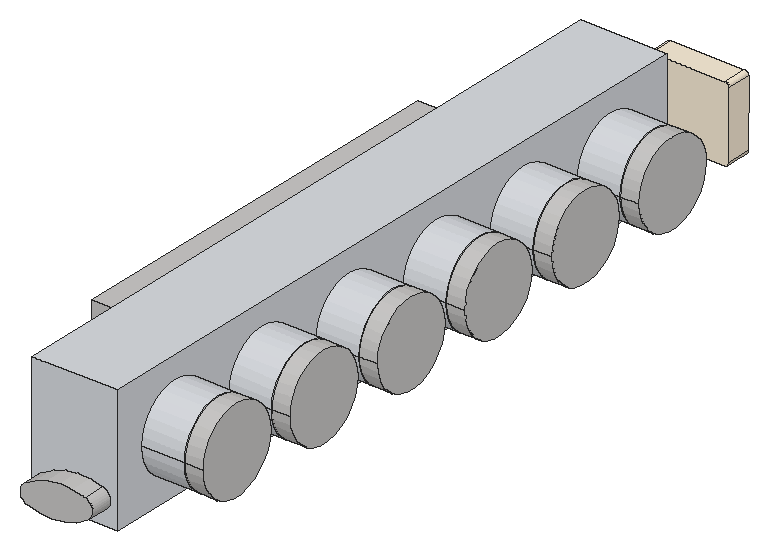
Revit family "HVAC_Ductwork_Airzone_Motorized-Plenum_Kaysun_Standard_6-Dampers", category Mechanical Equipment, Revit 2016
Family settings
  Part Type = Normal
  Round Connector Dimension = Use Diameter
  OmniClass Number = 23.75.70.14
  OmniClass Title = Air Ductwork
  Work Plane-Based = No
  Always vertical = Yes
  Cut with Voids When Loaded = No
  Shared = No
  Room Calculation Point = No
Parameters (values of type "KAYST01XL6")
  Voltage = 230 V
  URL = "www.airzone.es"
  Type Image Comments = "Image available in product documentation download"  # constant formula
  Revit Model Version = "1.0"  # constant formula
  Revit Model Author URL = "www.a3d.es"
  Revit Model Author = "A3D Consulting"  # constant formula
  Product Documentation Download URL = "http://doc.airzone.es/BIM/Easyzone/Kaysun-Airzone_motorized_plenum.zip"
  Product Comments = "Refer to technical documentation for further details"  # constant formula
  Power Factor = 1
  Neck Width = 971.600 mm
  Neck Length = 95.000 mm
  Neck Height = 207.600 mm
  Material = Metal - AIRZONE - Galvanized Sheet - Semi-polished
  Main Control Board Material = Plastic - AIRZONE - Smooth - Off-white
  Load Classification = Other
  Insulated Body Width = 205.000 mm  # constant formula
  Insulated Body Material = Metal -AIRZONE - Insulating Lining -Aluminum Finish
  Insulated Body Length = 1638.600 mm  # constant formula
  Insulated Body Height = 300.000 mm  # constant formula
  Flow [instance] = Damper 6 Air Flow + Damper 5 Air Flow + Damper 4 Air Flow + Damper 3 Air Flow + Damper 2 Air Flow + Damper 1 Air Flow - Fresh Air Inlet 2 Flow - Fresh Air Inlet 1 Flow  # 1800 m³/h
  Fresh Air Inlet 1 Flow [instance] = 0 m³/h
  Fresh Air Inlet 2 Flow [instance] = 0 m³/h
  Fresh Air Inlet Connection Width = 175.000 mm
  Fresh Air Inlet Connection Height = 75.000 mm
  Model = "KAYST01XL6"
  Neck Side Offset = 369.500 mm
  Neck Bottom Offset = 49.200 mm
  Type Image = <None>
  Manufacturer = "AIRZONE"  # constant formula
  Main Control Board Depth = 57.000 mm  # constant formula
  Main Control Board Width = 195.000 mm  # constant formula
  Main Control Board Height = 180.000 mm  # constant formula
  Fixing = ""
  Disclaimer = "All information provided in this model is reviewed before being published. However, Airzone cannot guarantee this model is error-free, therefore users are strongly encouraged to check for technical documentation and updates"  # constant formula
  Description = "Airzone standard motorized plenum with neck that mechanically adapts to the main ducted AC units of Kaysun."
  Type Comments = ""
  Dampers Length = 149.000 mm  # constant formula
  Dampers Diameter = 200.000 mm  # constant formula
  Damper 6 Air Flow [instance] = 300 m³/h
  Damper 5 Air Flow [instance] = 300 m³/h
  Damper 4 Air Flow [instance] = 300 m³/h
  Damper 1 Air Flow [instance] = 300 m³/h
  Damper 2 Air Flow [instance] = 300 m³/h
  Damper 3 Air Flow [instance] = 300 m³/h
  Fresh Air Inlet Connection Offset Height = 48.305 mm  # constant formula
  Compatible Accesories = ""
  Apparent Load = 57.5 VA
Types (3, lengths in mm): name | Neck Width | Neck Height | Model | Neck Side Offset | Neck Bottom Offset
  KAYST01XL6 | 971.600 | 207.600 | "KAYST01XL6" | 369.500 | 49.200
  KAYST01L6 | 936.600 | 182.600 | "KAYST01L6" | 389.500 | 79.200
  KAYST01M6 | 716.600 | 182.600 | "KAYST01M6" | 499.500 | 79.200
Reference planes
  plane 1 "Center (Front/Back)": y = 0
  plane 2 "Center (Elevation)": z = 0
  plane 3 "Center (Left/Right)": x = 0
  plane 4 "Neck Back": y = 485.8
  plane 5 "Neck Front": y = -485.8
  plane 6 "Neck Top": z = 103.8
  plane 7 "Neck Bottom": z = -103.8
  plane 8 "Left": x = 95
  plane 9 "Bottom": z = -153
  plane 10 "Top": z = 147
  plane 11 "Front": y = -783.3
  plane 12 "Back": y = 855.3
  plane 13 "Right": x = 300
  plane 14 "Dampers Front": x = 449
  plane 15 "Dampers Center (Elevation)": z = -3
  plane 16 "Damper3": y = 166
  plane 17 "Damper2": y = 426
  plane 18 "Damper1": y = 686
  plane 19 "Middle": y = 36
  plane 20 "FreshAir Center (Elevation)": z = -104.695
  plane 21 "FreshAir1": y = 907.8
  plane 22 "FreshAir2": y = -835.8
  plane 23 "Dampers Lining": x = 404
  plane 24 "FreshAir Vertical Axis": x = 195.83
  plane 25 "ConnectionBox Side": x = 254
  plane 26 "Main Control Board Center (Left/Right)": x = 351.5
  plane 27 "Damper4": y = -94
  plane 28 "Damper5": y = -354
  plane 29 "Damper6": y = -614
Forms (mm)
  Extrusion 1, solid, material "Metal - AIRZONE - Galvanized Sheet - Semi-polished" <- "Material"
    sketch origin (0, 0, 0) x (0, 1, 0) y (0, 0, 1)
      loop
        line (-485.8, 103.8) -> (-485.8, -103.8) -> (485.8, -103.8) -> (485.8, 103.8) -> (-485.8, 103.8)
    from 0 to 95
  Extrusion 2, solid, material "Metal -AIRZONE - Insulating Lining -Aluminum Finish" <- "Insulated Body Material"
    sketch origin (95, 0, 0) x (0, 1, 0) y (0, 0, 1)
      loop
        line (-783.3, 147) -> (-783.3, -153) -> (855.3, -153) -> (855.3, 147) -> (-783.3, 147)
    from 0 to 205
  Extrusion 3, solid, material "Metal - AIRZONE - Galvanized Sheet - Semi-polished" <- "Material"
    sketch origin (300, 0, 0) x (0, 1, 0) y (0, 0, 1)
      loop
        circle (166, -3) r 100
    from 104 to 149
  Extrusion 4, solid, material "Metal - AIRZONE - Galvanized Sheet - Semi-polished" <- "Material"
    sketch origin (300, 0, 0) x (0, 1, 0) y (0, 0, 1)
      loop
        circle (426, -3) r 100
    from 104 to 149
  Extrusion 5, solid, material "Metal - AIRZONE - Galvanized Sheet - Semi-polished" <- "Material"
    sketch origin (300, 0, 0) x (0, 1, 0) y (0, 0, 1)
      loop
        circle (686, -3) r 100
    from 104 to 149
  Extrusion 6, solid, material "Metal - AIRZONE - Galvanized Sheet - Semi-polished" <- "Material"
    sketch origin (0, -783.3, 0) x (0, 0, 1) y (1, 0, 0)
      loop
        arc (-72.141, 265.204) -> (-93.608, 282.105) -> (-118.312, 270.434) r 25.96
        arc (-118.312, 270.434) -> (-144.302, 200.598) -> (-136.849, 126.456) r 164.67
        arc (-136.849, 126.456) -> (-115.665, 109.589) -> (-90.994, 120.751) r 25.96
        arc (-90.994, 120.751) -> (-64.725, 190.78) -> (-72.141, 265.204) r 164.67
    from 0 to -52.5
  Extrusion 7, solid, material "Metal - AIRZONE - Galvanized Sheet - Semi-polished" <- "Material"
    sketch origin (0, 855.3, 0) x (0, 0, 1) y (1, 0, 0)
      loop
        arc (-72.141, 265.204) -> (-93.325, 282.071) -> (-117.996, 270.909) r 25.96
        arc (-117.996, 270.909) -> (-144.179, 201.53) -> (-137.267, 127.699) r 164.67
        arc (-137.267, 127.699) -> (-116.032, 109.637) -> (-90.678, 121.226) r 25.96
        arc (-90.678, 121.226) -> (-64.688, 191.062) -> (-72.141, 265.204) r 164.67
    from 0 to 52.5
  Extrusion 8, solid, material "Metal -AIRZONE - Insulating Lining -Aluminum Finish" <- "Insulated Body Material"
    sketch origin (300, 0, 0) x (0, 1, 0) y (0, 0, 1)
      loop
        circle (686, -3) r 100
    from 0 to 104
  Extrusion 9, solid, material "Metal -AIRZONE - Insulating Lining -Aluminum Finish" <- "Insulated Body Material"
    sketch origin (300, -260, 0) x (0, 1, 0) y (0, 0, 1)
      loop
        circle (686, -3) r 100
    from 0 to 104
  Extrusion 10, solid, material "Metal -AIRZONE - Insulating Lining -Aluminum Finish" <- "Insulated Body Material"
    sketch origin (300, -520, 0) x (0, 1, 0) y (0, 0, 1)
      loop
        circle (686, -3) r 100
    from 0 to 104
  Extrusion 11, solid, material "Metal - AIRZONE - Galvanized Sheet - Semi-polished" <- "Material"
    sketch origin (300, -190, 0) x (0, 1, 0) y (0, 0, 1)
      loop
        circle (96, -3) r 100
    from 104 to 149
  Extrusion 12, solid, material "Metal -AIRZONE - Insulating Lining -Aluminum Finish" <- "Insulated Body Material"
    sketch origin (300, -710, 0) x (0, 1, 0) y (0, 0, 1)
      loop
        circle (616, -3) r 100
    from 0 to 104
  Extrusion 13, solid, material "Metal -AIRZONE - Insulating Lining -Aluminum Finish" <- "Insulated Body Material"
    sketch origin (300, -970, 0) x (0, 1, 0) y (0, 0, 1)
      loop
        circle (616, -3) r 100
    from 0 to 104
  Extrusion 14, solid, material "Metal - AIRZONE - Galvanized Sheet - Semi-polished" <- "Material"
    sketch origin (300, -450, 0) x (0, 1, 0) y (0, 0, 1)
      loop
        circle (96, -3) r 100
    from 104 to 149
  Extrusion 15, solid, material "Metal -AIRZONE - Insulating Lining -Aluminum Finish" <- "Insulated Body Material"
    sketch origin (300, -1230, 0) x (0, 1, 0) y (0, 0, 1)
      loop
        circle (616, -3) r 100
    from 0 to 104
  Extrusion 16, solid, material "Metal - AIRZONE - Galvanized Sheet - Semi-polished" <- "Material"
    sketch origin (300, -710, 0) x (0, 1, 0) y (0, 0, 1)
      loop
        circle (96, -3) r 100
    from 104 to 149
Lines and regions (mm)
  Masking region 1
    outline origin (0, 0, 0) x (1, 0, 0) y (0, 1, 0)
      loop
        line (95, 855.3) -> (95, -783.3) -> (300, -783.3) -> (300, 855.3) -> (95, 855.3)
  Masking region 2, detail levels medium+fine
    outline origin (0, 0, 0) x (1, 0, 0) y (0, 1, 0)
      loop
        line (0, 485.8) -> (0, -485.8) -> (95, -485.8) -> (95, 485.8) -> (0, 485.8)
  Masking region 3, detail levels medium+fine
    outline origin (0, 0, 0) x (1, 0, 0) y (0, 1, 0)
      loop
        line (300, 266) -> (300, 66) -> (449, 66) -> (449, 266) -> (300, 266)
  Masking region 4, detail levels medium+fine
    outline origin (0, 260, 0) x (1, 0, 0) y (0, 1, 0)
      loop
        line (300, 266) -> (300, 66) -> (449, 66) -> (449, 266) -> (300, 266)
  Masking region 5, detail levels medium+fine
    outline origin (0, 520, 0) x (1, 0, 0) y (0, 1, 0)
      loop
        line (300, 266) -> (300, 66) -> (449, 66) -> (449, 266) -> (300, 266)
  Masking region 6, detail levels medium+fine
    outline origin (0, 0, -104.695) x (1, 0, 0) y (0, 1, 0)
      loop
        line (108.33, 907.8) -> (108.33, 855.3) -> (283.33, 855.3) -> (283.33, 907.8) -> (108.33, 907.8)
  Masking region 7, detail levels medium+fine
    outline origin (0, 0, -104.695) x (1, 0, 0) y (0, 1, 0)
      loop
        line (108.33, -783.3) -> (108.33, -835.8) -> (283.33, -835.8) -> (283.33, -783.3) -> (108.33, -783.3)
  Masking region 8, detail levels medium+fine
    outline origin (0, 0, 147) x (0, -1, 0) y (1, 0, 0)
      loop
        line (-912.3, 254) -> (-855.3, 254) -> (-855.3, 449) -> (-912.3, 449) -> (-912.3, 254)
  Masking region 9, detail levels medium+fine
    outline origin (0, -190, 0) x (1, 0, 0) y (0, 1, 0)
      loop
        line (300, 196) -> (300, -4) -> (449, -4) -> (449, 196) -> (300, 196)
  Masking region 10, detail levels medium+fine
    outline origin (0, -450, 0) x (1, 0, 0) y (0, 1, 0)
      loop
        line (300, 196) -> (300, -4) -> (449, -4) -> (449, 196) -> (300, 196)
  Masking region 11, detail levels medium+fine
    outline origin (0, -710, 0) x (1, 0, 0) y (0, 1, 0)
      loop
        line (300, 196) -> (300, -4) -> (449, -4) -> (449, 196) -> (300, 196)
  symbolic lines, detail levels coarse
    curve 1: line (95, -783.3, 0) -> (300, 166, 0)
    curve 2: line (300, 166, 0) -> (95, 855.3, 0)
Dimensions and locks
  equal spacing: plane 4 "Neck Back", plane 1 "Center (Front/Back)", plane 5 "Neck Front"
  "Neck Width": plane 4 "Neck Back" to plane 5 "Neck Front"
  equal spacing: plane 6 "Neck Top", level, plane 7 "Neck Bottom"
  "Neck Height": plane 6 "Neck Top" to plane 7 "Neck Bottom"
  "Neck Length": plane 3 "Center (Left/Right)" to plane 8 "Left"
  "Neck Bottom Offset": plane 7 "Neck Bottom" to plane 9 "Bottom"
  "Insulated Body Height": plane 10 "Top" to plane 9 "Bottom"
  "Insulated Body Length": plane 12 "Back" to plane 11 "Front"
  "Insulated Body Width": plane 8 "Left" to plane 13 "Right"
  "Dampers Length": plane 13 "Right" to plane 14 "Dampers Front"
  equal spacing: plane 10 "Top", plane 15 "Dampers Center (Elevation)", plane 9 "Bottom"
  equal spacing: plane 12 "Back", plane 19 "Middle", plane 11 "Front"
  plane 8 "Left" to plane 13 "Right" = 205.000 mm
  "Fresh Air Inlet Connection Offset Height": plane 20 "FreshAir Center (Elevation)" to plane 9 "Bottom"
  locked: Extrusion 6 sketch curve to plane 9 "Bottom" at 56.47
  locked: plane 13 "Right" to Extrusion 6 sketch curve at 43.69
  locked: plane 13 "Right" to Extrusion 6 sketch curve at 164.65
  locked: Extrusion 6 sketch curve to plane 9 "Bottom" at 40.54
  locked: plane 13 "Right" to Extrusion 6 sketch curve at 87.91
  locked: plane 9 "Bottom" to Extrusion 6 sketch curve at 75.01
  locked: plane 13 "Right" to Extrusion 6 sketch curve at 120.43
  locked: Extrusion 6 sketch curve to plane 9 "Bottom" at 172.02
  locked: plane 13 "Right" to Extrusion 7 sketch curve at 43.69
  locked: Extrusion 7 sketch curve to plane 9 "Bottom" at 56.47
  locked: Extrusion 7 sketch curve to plane 9 "Bottom" at 40.54
  locked: plane 13 "Right" to Extrusion 7 sketch curve at 164.65
  locked: plane 13 "Right" to Extrusion 7 sketch curve at 120.43
  locked: Extrusion 7 sketch curve to plane 9 "Bottom" at 172.02
  locked: plane 9 "Bottom" to Extrusion 7 sketch curve at 75.01
  locked: plane 13 "Right" to Extrusion 7 sketch curve at 87.91
  "Neck Side Offset": plane 12 "Back" to plane 4 "Neck Back"
  locked: plane 21 "FreshAir1" to plane 12 "Back" at 52.5
  plane 11 "Front" to plane 22 "FreshAir2" = 52.500 mm
  locked: connector elem to plane 13 "Right" at 104.17
  locked: plane 20 "FreshAir Center (Elevation)" to connector elem
  locked: plane 13 "Right" to connector elem at 104.17
  locked: connector elem to plane 20 "FreshAir Center (Elevation)"
  locked: plane 23 "Dampers Lining" to plane 14 "Dampers Front" at 45
  locked: plane 24 "FreshAir Vertical Axis" to plane 13 "Right" at 104.17
  equal spacing: Masking region 3 sketch curve, plane 16 "Damper3", Masking region 3 sketch curve
  "Dampers Diameter": Masking region 3 sketch curve to Masking region 3 sketch curve
  "Dampers Diameter": Masking region 4 sketch curve to Masking region 4 sketch curve
  equal spacing: Masking region 5 sketch curve, plane 18 "Damper1", Masking region 5 sketch curve
  "Dampers Diameter": Masking region 5 sketch curve to Masking region 5 sketch curve
  equal spacing: Masking region 6 sketch curve, plane 24 "FreshAir Vertical Axis", Masking region 6 sketch curve
  "Fresh Air Inlet Connection Width": Masking region 6 sketch curve to Masking region 6 sketch curve
  equal spacing: Masking region 7 sketch curve, plane 24 "FreshAir Vertical Axis", Masking region 7 sketch curve
  "Fresh Air Inlet Connection Width": Masking region 7 sketch curve to Masking region 7 sketch curve
  "Main Control Board Depth": Masking region 8 sketch curve to plane 12 "Back"
  "Main Control Board Width": plane 25 "ConnectionBox Side" to plane 14 "Dampers Front"
  equal spacing: plane 25 "ConnectionBox Side", plane 26 "Main Control Board Center (Left/Right)", plane 14 "Dampers Front"
  locked: nested 1 to plane 10 "Top" at 10
  equal spacing: Masking region 4 sketch curve, plane 17 "Damper2", Masking region 4 sketch curve
  equal spacing: Masking region 9 sketch curve, plane 27 "Damper4", Masking region 9 sketch curve
  "Dampers Diameter": Masking region 9 sketch curve to Masking region 9 sketch curve
  plane 18 "Damper1" to plane 17 "Damper2" to plane 16 "Damper3" to plane 27 "Damper4" to plane 28 "Damper5" to plane 29 "Damper6" = 260.000 mm locked, 260.000 mm locked, 260.000 mm locked, 260.000 mm locked, 260.000 mm locked
  locked: plane 16 "Damper3" to plane 19 "Middle" at 130
  equal spacing: Masking region 10 sketch curve, plane 28 "Damper5", Masking region 10 sketch curve
  "Dampers Diameter": Masking region 10 sketch curve to Masking region 10 sketch curve
  equal spacing: Masking region 11 sketch curve, plane 29 "Damper6", Masking region 11 sketch curve
  "Dampers Diameter": Masking region 11 sketch curve to Masking region 11 sketch curve
  "Dampers Diameter": diameter of Extrusion 3 sketch curve
  "Dampers Diameter": diameter of Extrusion 4 sketch curve
  "Dampers Diameter": diameter of Extrusion 5 sketch curve
  radius of Extrusion 7 sketch curve = 164.670 mm  (x2)
  radius of Extrusion 7 sketch curve = 25.960 mm  (x2)
  radius of Extrusion 6 sketch curve = 164.670 mm  (x2)
  radius of Extrusion 6 sketch curve = 25.960 mm  (x2)
  "Dampers Diameter": diameter of Extrusion 8 sketch curve
  "Dampers Diameter": diameter of Extrusion 9 sketch curve
  "Dampers Diameter": diameter of Extrusion 10 sketch curve
  "Dampers Diameter": diameter of Extrusion 11 sketch curve
  "Dampers Diameter": diameter of Extrusion 12 sketch curve
  "Dampers Diameter": diameter of Extrusion 13 sketch curve
  "Dampers Diameter": diameter of Extrusion 14 sketch curve
  "Dampers Diameter": diameter of Extrusion 15 sketch curve
  "Dampers Diameter": diameter of Extrusion 16 sketch curve
  aligned and locked: level to plane 2 "Center (Elevation)"
  aligned and locked: plane 5 "Neck Front" to Extrusion 1 sketch curve
  aligned and locked: Extrusion 1 sketch curve to plane 6 "Neck Top"
  aligned and locked: Extrusion 1 sketch curve to plane 4 "Neck Back"
  aligned and locked: plane 7 "Neck Bottom" to Extrusion 1 sketch curve
  aligned and locked: Extrusion 1 to plane 3 "Center (Left/Right)"
  aligned and locked: Extrusion 2 sketch curve to plane 10 "Top"
  aligned and locked: Extrusion 2 sketch curve to plane 12 "Back"
  aligned and locked: Extrusion 2 sketch curve to plane 9 "Bottom"
  aligned and locked: plane 11 "Front" to Extrusion 2 sketch curve
  aligned and locked: plane 13 "Right" to Extrusion 2
  aligned and locked: Extrusion 2 to plane 8 "Left"
  aligned and locked: plane 16 "Damper3" to Extrusion 3 sketch curve
  aligned and locked: plane 15 "Dampers Center (Elevation)" to Extrusion 3 sketch curve
  aligned and locked: plane 15 "Dampers Center (Elevation)" to Extrusion 4 sketch curve
  aligned and locked: plane 18 "Damper1" to Extrusion 5 sketch curve
  aligned and locked: plane 15 "Dampers Center (Elevation)" to Extrusion 5 sketch curve
  aligned and locked: plane 14 "Dampers Front" to Extrusion 5
  aligned and locked: plane 14 "Dampers Front" to Extrusion 4
  aligned and locked: plane 14 "Dampers Front" to Extrusion 3
  aligned and locked: plane 8 "Left" to Extrusion 1
  aligned and locked: plane 22 "FreshAir2" to Extrusion 6
  aligned and locked: plane 21 "FreshAir1" to Extrusion 7
  aligned and locked: Extrusion 7 to plane 12 "Back"
  aligned and locked: plane 11 "Front" to Extrusion 6
  aligned and locked: Extrusion 5 to plane 23 "Dampers Lining"
  aligned and locked: Extrusion 5 to Extrusion 4
  aligned and locked: Extrusion 4 to Extrusion 3
  aligned and locked: plane 23 "Dampers Lining" to Extrusion 8
  aligned and locked: Extrusion 10 to plane 13 "Right"
  aligned and locked: plane 23 "Dampers Lining" to Extrusion 10
  aligned and locked: Extrusion 9 to plane 13 "Right"
  aligned and locked: plane 23 "Dampers Lining" to Extrusion 9
  aligned and locked: Extrusion 8 to plane 13 "Right"
  aligned and locked: Extrusion 9 to Extrusion 8
  aligned and locked: plane 18 "Damper1" to Extrusion 8 sketch curve
  aligned and locked: plane 15 "Dampers Center (Elevation)" to Extrusion 8 sketch curve
  aligned and locked: plane 15 "Dampers Center (Elevation)" to Extrusion 9 sketch curve
  aligned and locked: plane 16 "Damper3" to Extrusion 10 sketch curve
  aligned and locked: plane 15 "Dampers Center (Elevation)" to Extrusion 10 sketch curve
  aligned and locked: Masking region 1 sketch curve to plane 12 "Back"
  aligned and locked: plane 8 "Left" to Masking region 1 sketch curve
  aligned and locked: Masking region 1 sketch curve to plane 13 "Right"
  aligned and locked: plane 11 "Front" to Masking region 1 sketch curve
  aligned and locked: plane 5 "Neck Front" to Masking region 2 sketch curve
  aligned and locked: plane 3 "Center (Left/Right)" to Masking region 2 sketch curve
  aligned and locked: Masking region 2 sketch curve to plane 4 "Neck Back"
  aligned and locked: Masking region 2 sketch curve to plane 8 "Left"
  aligned and locked: plane 13 "Right" to Masking region 3 sketch curve
  aligned and locked: Masking region 3 sketch curve to plane 14 "Dampers Front"
  aligned and locked: plane 13 "Right" to Masking region 4 sketch curve
  aligned and locked: Masking region 4 sketch curve to plane 14 "Dampers Front"
  aligned and locked: plane 13 "Right" to Masking region 5 sketch curve
  aligned and locked: Masking region 5 sketch curve to plane 14 "Dampers Front"
  aligned and locked: plane 12 "Back" to Masking region 6 sketch curve
  aligned and locked: Masking region 6 sketch curve to plane 21 "FreshAir1"
  aligned and locked: Masking region 7 sketch curve to plane 11 "Front"
  aligned and locked: Masking region 7 sketch curve to plane 22 "FreshAir2"
  aligned and locked: plane 12 "Back" to Masking region 8 sketch curve
  aligned and locked: Masking region 8 sketch curve to plane 14 "Dampers Front"
  aligned and locked: plane 25 "ConnectionBox Side" to Masking region 8 sketch curve
  aligned and locked: plane 17 "Damper2" to Extrusion 9 sketch curve
  aligned and locked: plane 17 "Damper2" to Extrusion 4 sketch curve
  aligned and locked: Masking region 9 sketch curve to plane 14 "Dampers Front"
  aligned and locked: plane 13 "Right" to Masking region 9 sketch curve
  aligned and locked: Extrusion 12 to plane 13 "Right"
  aligned and locked: plane 23 "Dampers Lining" to Extrusion 12
  aligned and locked: Extrusion 11 to plane 23 "Dampers Lining"
  aligned and locked: plane 14 "Dampers Front" to Extrusion 11
  aligned and locked: plane 15 "Dampers Center (Elevation)" to Extrusion 12 sketch curve
  aligned and locked: plane 27 "Damper4" to Extrusion 12 sketch curve
  aligned and locked: plane 15 "Dampers Center (Elevation)" to Extrusion 11 sketch curve
  aligned and locked: plane 27 "Damper4" to Extrusion 11 sketch curve
  aligned and locked: Masking region 10 sketch curve to plane 14 "Dampers Front"
  aligned and locked: plane 13 "Right" to Masking region 10 sketch curve
  aligned and locked: plane 28 "Damper5" to Extrusion 13 sketch curve
  aligned and locked: plane 15 "Dampers Center (Elevation)" to Extrusion 13 sketch curve
  aligned and locked: Extrusion 14 to plane 23 "Dampers Lining"
  aligned and locked: plane 14 "Dampers Front" to Extrusion 14
  aligned and locked: plane 15 "Dampers Center (Elevation)" to Extrusion 14 sketch curve
  aligned and locked: plane 28 "Damper5" to Extrusion 14 sketch curve
  aligned and locked: Masking region 11 sketch curve to plane 14 "Dampers Front"
  aligned and locked: plane 13 "Right" to Masking region 11 sketch curve
  aligned and locked: Extrusion 15 to plane 13 "Right"
  aligned and locked: plane 23 "Dampers Lining" to Extrusion 15
  aligned and locked: plane 29 "Damper6" to Extrusion 15 sketch curve
  aligned and locked: plane 15 "Dampers Center (Elevation)" to Extrusion 15 sketch curve
  aligned and locked: plane 14 "Dampers Front" to Extrusion 16
  aligned and locked: Extrusion 16 to plane 23 "Dampers Lining"
  aligned and locked: plane 15 "Dampers Center (Elevation)" to Extrusion 16 sketch curve
  aligned and locked: plane 29 "Damper6" to Extrusion 16 sketch curve
  aligned and locked: nested 1 to plane 26 "Main Control Board Center (Left/Right)"
Automatic sketch dimensions
  curve 2 to plane 8 "Left" = 0.000 mm
  curve 1 to plane 8 "Left" = 0.000 mm
  curve 2 to plane 13 "Right" = 0.000 mm
  curve 1 to plane 11 "Front" = 0.000 mm
  curve 2 to plane 16 "Damper3" = 0.000 mm
  curve 2 to plane 12 "Back" = 0.000 mm
Nested families
  nested 1: "Airzone_Main-Control-Board" at (351.5, 855.3, 47) x (-1, 0, 0) z (0, 1, 0), Extrusion <- "Main Control Board Depth", Height <- "Main Control Board Height", Width <- "Main Control Board Width", Material <- "Main Control Board Material", type "Standard"
    with Width 195.000 mm, Material Plastic - AIRZONE - Smooth - Off-white, Height 180.000 mm, Extrusion 57.000 mm
Connectors
  hvac at (449, 166, -3), driven by "Damper 3 Air Flow", driven by "Dampers Diameter"
    settings: on Extrusion 3, index 1, duct flow 300 m³/h, flow factor 0, pres drop 0.0 Pa, loss coef 0, conn angle 0.00°, conn width 304.8 mm, conn height 304.8 mm, conn diameter 200 mm, duct sys type 1, conn prof type 0, flow config 0, flow direction 2, loss method 0, conn ref index -1, conn util no, is conn primary no, conn desc "Supply Air Out 3"
  hvac at (449, 426, -3), driven by "Damper 2 Air Flow", driven by "Dampers Diameter"
    settings: on Extrusion 4, index 2, duct flow 300 m³/h, flow factor 0, pres drop 0.0 Pa, loss coef 0, conn angle 0.00°, conn width 304.8 mm, conn height 304.8 mm, conn diameter 200 mm, duct sys type 1, conn prof type 0, flow config 0, flow direction 2, loss method 0, conn ref index -1, conn util no, is conn primary no, conn desc "Supply Air Out 2"
  hvac at (449, 686, -3), driven by "Damper 1 Air Flow", driven by "Dampers Diameter"
    settings: on Extrusion 5, index 3, duct flow 300 m³/h, flow factor 0, pres drop 0.0 Pa, loss coef 0, conn angle 0.00°, conn width 304.8 mm, conn height 304.8 mm, conn diameter 200 mm, duct sys type 1, conn prof type 0, flow config 0, flow direction 2, loss method 0, conn ref index -1, conn util no, is conn primary no, conn desc "Supply Air Out 1"
  hvac at (0, 0, 0), driven by "Flow", driven by "Neck Height", driven by "Neck Width"
    settings: on Extrusion 1, index 6, duct flow 1800 m³/h, flow factor 0, pres drop 0.0 Pa, loss coef 0, conn angle 0.00°, conn width 971.6 mm, conn height 207.6 mm, conn diameter 609.6 mm, duct sys type 1, conn prof type 1, flow config 1, flow direction 1, loss method 0, conn ref index -1, conn util no, is conn primary yes, conn desc "Supply Air In"
  hvac at (195.83, -835.8, -104.695), driven by "Fresh Air Inlet 2 Flow", driven by "Fresh Air Inlet Connection Width", driven by "Fresh Air Inlet Connection Height"
    settings: index 7, duct flow 0 m³/h, flow factor 0, pres drop 0.0 Pa, loss coef 0, conn angle 0.00°, conn width 175 mm, conn height 75 mm, conn diameter 609.6 mm, duct sys type 1, conn prof type 2, flow config 1, flow direction 1, loss method 0, conn ref index -1, conn util no, is conn primary no, conn desc "Fresh Air In 2"
  hvac at (195.83, 907.8, -104.695), driven by "Fresh Air Inlet 1 Flow", driven by "Fresh Air Inlet Connection Height", driven by "Fresh Air Inlet Connection Width"
    settings: index 8, duct flow 0 m³/h, flow factor 0, pres drop 0.0 Pa, loss coef 0, conn angle 0.00°, conn width 175 mm, conn height 75 mm, conn diameter 609.6 mm, duct sys type 1, conn prof type 2, flow config 1, flow direction 1, loss method 0, conn ref index -1, conn util no, is conn primary no, conn desc "Fresh Air In 1"
  hvac at (449, -94, -3), driven by "Damper 4 Air Flow", driven by "Dampers Diameter"
    settings: on Extrusion 11, index 9, duct flow 300 m³/h, flow factor 0, pres drop 0.0 Pa, loss coef 0, conn angle 0.00°, conn width 304.8 mm, conn height 304.8 mm, conn diameter 200 mm, duct sys type 1, conn prof type 0, flow config 0, flow direction 2, loss method 0, conn ref index -1, conn util no, is conn primary no, conn desc "Supply Air Out 4"
  hvac at (449, -354, -3), driven by "Damper 5 Air Flow", driven by "Dampers Diameter"
    settings: on Extrusion 14, index 10, duct flow 300 m³/h, flow factor 0, pres drop 0.0 Pa, loss coef 0, conn angle 0.00°, conn width 304.8 mm, conn height 304.8 mm, conn diameter 200 mm, duct sys type 1, conn prof type 0, flow config 0, flow direction 2, loss method 0, conn ref index -1, conn util no, is conn primary no, conn desc "Supply Air Out 5"
  hvac at (449, -614, -3), driven by "Damper 6 Air Flow", driven by "Dampers Diameter"
    settings: on Extrusion 16, index 11, duct flow 300 m³/h, flow factor 0, pres drop 0.0 Pa, loss coef 0, conn angle 0.00°, conn width 304.8 mm, conn height 304.8 mm, conn diameter 200 mm, duct sys type 1, conn prof type 0, flow config 0, flow direction 2, loss method 0, conn ref index -1, conn util no, is conn primary no, conn desc "Supply Air Out 6"
  electrical at (351.5, 912.3, 47), driven by "Load Classification", driven by "Voltage", driven by "Apparent Load", driven by "Power Factor"
    settings: on nested 1, index 12, voltage 230 V, apparent load 57.5 VA, apparent load phase1 0 VA, apparent load phase2 0 VA, apparent load phase3 0 VA, power factor 1, load classification "Other", number of poles 1, system type 30, power factor state 1, is connector primary yes, connector utility no, sub classification motor no, connector description "Power Supply"
Definition of nested family "Airzone_Main-Control-Board"
  Parameters (values of type "Standard")
    Width [instance] = 195.000 mm
    URL = "www.airzone.es"
    Revit Model Version = "1.0"  # constant formula
    Revit Model Author URL = "www.a3d.es"
    Revit Model Author = "A3D Consulting"  # constant formula
    Material [instance] = none
    Manufacturer = "AIRZONE"  # constant formula
    Height [instance] = 180.000 mm
    Extrusion [instance] = 57.000 mm
    Default Elevation = 0.000 mm
  Reference planes
    plane 1 "Center (Front/Back)": y = 0
    plane 2: z = 0
    plane 3 "Center (Left/Right)": x = 0
    plane 4: y = 90
    plane 5: y = -90
    plane 6: x = 97.5
    plane 7: x = -97.5
  Forms (mm)
    Extrusion 1, solid, material <- "Material"
      sketch origin (0, 0, 0) x (1, 0, 0) y (0, 1, 0)
        loop
          arc (-87.5, 90) -> (-94.571, 87.071) -> (-97.5, 80) r 10
          line (-97.5, 80) -> (-97.5, -80)
          arc (-97.5, -80) -> (-94.571, -87.071) -> (-87.5, -90) r 10
          line (-87.5, -90) -> (87.5, -90)
          arc (87.5, -90) -> (94.571, -87.071) -> (97.5, -80) r 10
          line (97.5, -80) -> (97.5, 80)
          arc (97.5, 80) -> (94.571, 87.071) -> (87.5, 90) r 10
          line (87.5, 90) -> (-87.5, 90)
      from 0 to 57 <- "Extrusion"
  Dimensions and locks
    equal spacing: plane 7, plane 3 "Center (Left/Right)", plane 6
    equal spacing: plane 4, plane 1 "Center (Front/Back)", plane 5
    "Width": plane 7 to plane 6
    "Height": plane 4 to plane 5
    radius of Extrusion 1 sketch curve = 10.000 mm  (x4)
    aligned and locked: level to plane 2
    aligned and locked: plane 5 to Extrusion 1 sketch curve
    aligned and locked: Extrusion 1 sketch curve to plane 6
    aligned and locked: Extrusion 1 sketch curve to plane 4
    aligned and locked: plane 7 to Extrusion 1 sketch curve
